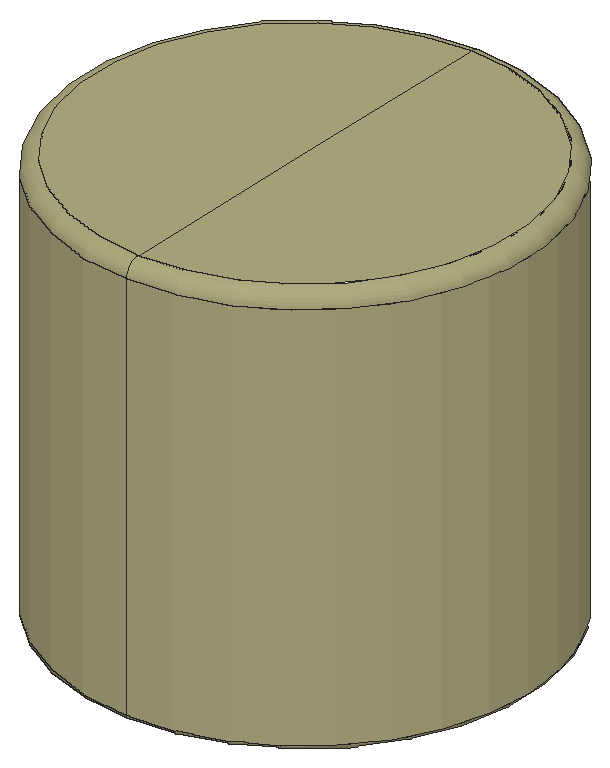
Revit family "Rocking 15in Stool Medium", category Generic Models, Revit 2018
Family settings
  Can host rebar = No
  Round Connector Dimension = Use Diameter
  Part Type = Normal
  Work Plane-Based = No
  Always vertical = Yes
  Cut with Voids When Loaded = No
  Shared = No
  Room Calculation Point = No
Parameters
  Fabric = Dot Rocking 15" Stool Medium Fabric
Reference planes (in)
  plane 1 "Center (Front/Back)": y = 0
  plane 2: z = 0
  plane 3 "Center (Left/Right)": x = 0
Forms (in)
  Revolve 1, solid, material "Dot-Rocking Base"
    sketch origin (0, 0, 0) x (0, 1, 0) y (0, 0, 1)
      loop
        line (0, 1.27726) -> (-6.69085, 1.27726)
        arc (-6.69085, 1.27726) -> (-6.73259, 1.25997) -> (-6.74988, 1.21822) r 0.05903
        line (-6.74988, 1.21822) -> (-6.74988, 1.02136)
        arc (-6.74988, 1.02136) -> (-6.70952, 0.92392) -> (-6.61208, 0.88356) r 0.1378
        line (-6.61208, 0.88356) -> (-6.47663, 0.88356)
        arc (-6.47663, 0.88356) -> (-3.26831, 0.22191) -> (0, 0) r 24.17922
        line (0, 0) -> (0, 1.27726)
      axis (0, 1.27726) -> (0, 0)
    angle from 0 to 360
  Revolve 2, solid, material "Dot Rocking 15" Stool Medium Fabric" <- "Fabric"
    sketch origin (0, 0, 0.78222) x (0, 1, 0) y (0, 0, 1)
      loop
        line (0, 14.24504) -> (-7.00037, 14.24504)
        arc (-7.00037, 14.24504) -> (-7.35387, 14.09861) -> (-7.5003, 13.74511) r 0.49993
        line (-7.5003, 13.74511) -> (-7.5003, 0.62005)
        arc (-7.5003, 0.62005) -> (-7.46369, 0.53165) -> (-7.37529, 0.49504) r 0.12501
        line (-7.37529, 0.49504) -> (0, 0.49504) -> (0, 14.24504)
      axis (0, 14.24504) -> (0, 0.49504)
    angle from 0 to 360
Dimensions and locks (in)
  aligned and locked: plane 2 to level
